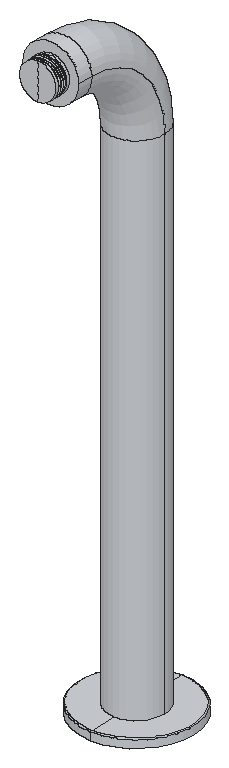
Revit family "Shower-Shower_Arm-KOHLER-K-15396BR_1", category Plumbing Fixtures, host Face, Revit 2017
Family settings
  Host = Face
  Round Connector Dimension = Use Diameter
  Part Type = Normal
  OmniClass Number = 23.31.25.00
  OmniClass Title = Toilet and Bath Specialties
  Cut with Voids When Loaded = No
  Shared = No
  Room Calculation Point = No
Parameters (values of type "CP- Polished Chrome")
  Width = 2 143/256"  # constant formula
  WaterSense Certified = 1 = 0  # no
  Waste Water Outlet = "Waste Water Outlet"  # constant formula
  Waste Connection = 1 = 0  # no
  Vent Connection = 1 = 0  # no
  URL = "https://br.kohler.com/"
  Type = 1
  Tempered Water Inlet = "Tempered Water Inlet"  # constant formula
  Product Page URL = ""
  Product Name = ""
  Product Documentation Link = ""
  Pressure = 0.00 psi  # constant formula
  Model = if(Type = 1, "K-15396BR-CP", if(Type = 2, "K-15396BR-BN", if(Type = 3, "K-15396BR-BL", if(Type = 4, "K-15396BR-RGD", if(Type = 5, "K-15396BR-SN", if(Type = 6, "K-15396BR-TT", "NA"))))))  # "K-15396BR-CP"
  Material = "Brass Construction"  # constant formula
  Master Format 2014 Name = "Residential Showers"  # constant formula
  Master Format 2014 = "22 42 23"  # constant formula
  Manufacturer Address = "Rio de Janeiro MULTIREPAROS RUA BATISTA DA COSTA, Nº 352 | STORE B Rio de Janeiro SÃO GONÇALO 24450-470"  # constant formula
  Manufacturer = "KOHLER Co."  # constant formula
  Length = 13 55/64"  # constant formula
  Hot Water Inlet = "Hot Water Inlet"  # constant formula
  Height = 4 9/256"  # constant formula
  HW Connection = 1 = 1  # yes
  Flow Rate = 0 GPM  # constant formula
  Finish = Kohler-Metal-CP-Polished_Chrome
  Environmental Product Declaration = ""
  Drain Included = 1 = 0  # no
  Description = "WALL MOUNT SHOWER ARM, 15 INCH"  # constant formula
  Default Elevation = 72"
  Declare Label = ""
  Date Modified = "09/07/2021"  # constant formula
  Date Created = "09/07/2021"  # constant formula
  Copyright = "Copyright KOHLER Co."  # constant formula
  Contact Us = "https://br.kohler.com/asr-listing"
  Cold Water Inlet = "Cold Water Inlet"  # constant formula
  CW Connection = 1 = 0  # no
  Assembly Code = "D2010700"
  ADA Compliant = 1 = 0  # no
Types (7): name | Type | Model | Finish
  (no name) | 1 | "K-15396BR-CP" | Kohler-Metal-CP-Polished_Chrome
  CP- Polished Chrome | 1 | "K-15396BR-CP" | Kohler-Metal-CP-Polished_Chrome
  BN- Vibrant Brushed Nickel | 2 | "K-15396BR-BN" | Kohler-Metal-BN-Vibrant_Brushed_Nickel
  BL- Matte Black | 3 | "K-15396BR-BL" | Kohler-Metal-BL-Matte_Black
  RGD- Polished Rose Gold | 4 | "K-15396BR-RGD" | Kohler-Metal-RGD-Polished_Rose_Gold
  SN- Vibrant Polished Nickel | 5 | "K-15396BR-SN" | Kohler-Metal-SN-Vibrant_Polished_Nickel
  TT- Vibrant Titanium | 6 | "K-15396BR-TT" | Kohler-Metal-TT-Vibrant_Titanium
Reference planes (in)
  plane 1 "Center (Front/Back)": y = 0
  plane 2: z = 0
  plane 3 "Center (Left/Right)": x = 0
  plane 4: x = 1.27953
  plane 5: x = -1.27907
  plane 6: z = 13.85937
  plane 7: z = 0.19685
  plane 8: y = 1.27953
  plane 9: y = -1.27953
  plane 10: y = -2.75563
Dimensions and locks (in)
  "Length": plane 6 to level
  "Width": plane 5 to plane 4
  "Height": plane 8 to plane 10
  aligned and locked: plane 2 to host face
  aligned and locked: level to host face
Automatic sketch dimensions
  host sketch curve to host sketch curve = 96"  (x2)
Nested families (in)
  nested 1: "K-15396BR" at (0, 0, 0), type "K-15396BR"
Connectors (in)
  piping at (0, 0, 0), diameter 0.5, driven by "HW Connection", driven by "Tempered Water Inlet"
    settings: on nested 1, index 1, connector inside diameter 24", connector length 0", flow factor 0, pipe flow 0 GPM, pressure drop 0.00 psi, fitting loss kfactor 0, connector angle 0.00°, fixture units 0, engagement length 0", angle of deflection 0.00°, flow configuration 0, flow direction 1, fitting loss method 0, system type 19, joint type 0, gender type 0, connector reference index -1, connector utility 1, adjustable connector no, is connector primary yes, connector description "Tempered Water Inlet"
Definition of nested family "K-15396BR"
  Parameters (values of type "K-15396BR")
    Material = none
  Reference planes (in)
    plane 1 "Center (Front/Back)": y = 0
    plane 2: z = 0
    plane 3 "Center (Left/Right)": x = 0
    plane 4: y = -1.27953
    plane 5: x = -1.27953
    plane 6: x = 1.27953
    plane 7: z = 13.85827
    plane 8: y = -2.75591
    plane 9: z = 0.19685
    plane 10: y = 1.27953
  Forms (in)
    Revolve 1, solid, material <- "Material", detail levels medium+fine
      sketch origin (0, 0, 0) x (0, 1, 0) y (0, 0, 1)
        loop
          line (0, 0) -> (1.27953, 0) -> (1.27953, 0.17717)
          arc (1.27953, 0.17717) -> (1.27376, 0.19108) -> (1.25984, 0.19685) r 0.01969
          line (1.25984, 0.19685) -> (0, 0.19685) -> (0, 0)
        axis (0, 0) -> (0, 0.19685)
      angle from 0 to 360
    Sweep 2, solid, material <- "Material", detail levels medium+fine
      path origin (0, 0, 0) x (0, 1, 0) y (0, 0, 1)
        loop
          line (0, 0.19685) -> (0, 11.81102)
          arc (0, 11.81102) -> (-0.59962, 13.25864) -> (-2.04724, 13.85827) r 2.04724
          line (-2.04724, 13.85827) -> (-2.38976, 13.85827)
      profile origin (0, 0, 6.00394) x (0, -1, 0) y (1, 0, 0)
        loop
          circle (0, 0) r 0.62992
    Revolve 3, solid, material <- "Material", detail levels medium+fine
      sketch origin (0, 0, 0) x (0, 1, 0) y (0, 0, 1)
        loop
          line (-2.38976, 13.85827) -> (-2.38976, 14.26525) -> (-2.45508, 14.26525) -> (-2.47083, 14.23797) -> (-2.50232, 14.23797) -> (-2.51807, 14.26525) -> (-2.53382, 14.23797) -> (-2.56532, 14.23797) -> (-2.58106, 14.26525) -> (-2.59681, 14.23797) -> (-2.62831, 14.23797) -> (-2.64406, 14.26525) -> (-2.6598, 14.23797) -> (-2.6913, 14.23797) -> (-2.70705, 14.26525) -> (-2.75591, 14.26525) -> (-2.75591, 13.85827) -> (-2.38976, 13.85827)
        axis (-2.75591, 13.85827) -> (-2.38976, 13.85827)
      angle from 0 to 360
    Extrusion 4, solid, material <- "Material", detail levels medium+fine
      sketch origin (0, 0, 0) x (1, 0, 0) y (0, 1, 0)
        loop
          circle (0, 0) r 0.25197
      from 0 to 0.11811
    Revolve 5, solid, material <- "Material", detail levels coarse
      sketch origin (0, 0, 0) x (0, 1, 0) y (0, 0, 1)
        loop
          line (0, 0.19685) -> (-1.27953, 0.19685) -> (-1.27953, 0) -> (0, 0) -> (0, 0.19685)
        axis (0, 0) -> (0, 0.19685)
      angle from 0 to 360
    Sweep 6, solid, material <- "Material", detail levels coarse
      path origin (0, 0, 0) x (0, 1, 0) y (0, 0, 1)
        loop
          line (0, 0) -> (0, 11.69291)
          arc (0, 11.69291) -> (-0.63422, 13.22405) -> (-2.16535, 13.85827) r 2.16535
          line (-2.16535, 13.85827) -> (-2.75591, 13.85827)
      profile origin (0, 0, 5.84646) x (0, -1, 0) y (1, 0, 0)
        loop
          circle (0, 0) r 0.70866
  Cuts and joins
    joined: Revolve 5, Sweep 6
    joined: Revolve 1, Sweep 2, Revolve 3
  Lines and regions (in)
    Masking region 1
      outline origin (0, 0, 0) x (1, 0, 0) y (0, 1, 0)
        loop
          line (0.40683, -2.75591) -> (0.40683, -2.70717) -> (0.37984, -2.69095) -> (0.37984, -2.65945) -> (0.40683, -2.64387) -> (0.37984, -2.62764) -> (0.37984, -2.59615) -> (0.40683, -2.58056) -> (0.37984, -2.56434) -> (0.37984, -2.53284) -> (0.40683, -2.51726) -> (0.37984, -2.50103) -> (0.37984, -2.46954) -> (0.40711, -2.45379) -> (0.40711, -2.38976) -> (0.62992, -2.38976) -> (0.62992, -1.11373)
          arc (0.62992, -1.11373) -> (0, 1.27953) -> (-0.62992, -1.11373) r 1.27953
          line (-0.62992, -1.11373) -> (-0.62992, -2.38976) -> (-0.40711, -2.38976) -> (-0.40711, -2.45379) -> (-0.37984, -2.46954) -> (-0.37984, -2.50103) -> (-0.40683, -2.51726) -> (-0.37984, -2.53284) -> (-0.37984, -2.56434) -> (-0.40683, -2.58056) -> (-0.37984, -2.59615) -> (-0.37984, -2.62764) -> (-0.40683, -2.64387) -> (-0.37984, -2.65945) -> (-0.37984, -2.69095) -> (-0.40683, -2.70717) -> (-0.40683, -2.75591) -> (0.40683, -2.75591)
    Masking region 2
      outline origin (0, 0, 0) x (1, 0, 0) y (0, 0, 1)
        loop
          line (-1.27953, 0) -> (1.27953, 0) -> (1.27953, 0.17717)
          arc (1.27953, 0.17717) -> (1.27376, 0.19108) -> (1.25984, 0.19685) r 0.01969
          line (1.25984, 0.19685) -> (0.62992, 0.19685) -> (0.62992, 13.83906)
          arc (0.62992, 13.83906) -> (0, 14.46898) -> (-0.62992, 13.83906) r 0.62992
          line (-0.62992, 13.83906) -> (-0.62992, 0.19685) -> (-1.25984, 0.19685)
          arc (-1.25984, 0.19685) -> (-1.27376, 0.19108) -> (-1.27953, 0.17717) r 0.01969
          line (-1.27953, 0.17717) -> (-1.27953, 0)
    Masking region 3
      outline origin (0, 0, 0) x (0, 1, 0) y (0, 0, 1)
        loop
          line (1.27953, 0) -> (1.27953, 0.17717)
          arc (1.27953, 0.17717) -> (1.27376, 0.19108) -> (1.25984, 0.19685) r 0.01969
          line (1.25984, 0.19685) -> (0.62992, 0.19685) -> (0.62992, 11.81102)
          arc (0.62992, 11.81102) -> (-0.1542, 13.70407) -> (-2.04724, 14.48819) r 2.67717
          line (-2.04724, 14.48819) -> (-2.38976, 14.48819) -> (-2.38976, 14.26525) -> (-2.45508, 14.26525) -> (-2.47083, 14.23797) -> (-2.50232, 14.23797) -> (-2.51807, 14.26525) -> (-2.53382, 14.23797) -> (-2.56532, 14.23797) -> (-2.58106, 14.26525) -> (-2.59681, 14.23797) -> (-2.62831, 14.23797) -> (-2.64406, 14.26525) -> (-2.6598, 14.23797) -> (-2.6913, 14.23797) -> (-2.70705, 14.26525) -> (-2.75591, 14.26525) -> (-2.75591, 13.45129) -> (-2.70705, 13.45129) -> (-2.6913, 13.47856) -> (-2.6598, 13.47856) -> (-2.64406, 13.45129) -> (-2.62831, 13.47856) -> (-2.59681, 13.47856) -> (-2.58106, 13.45129) -> (-2.56532, 13.47856) -> (-2.53382, 13.47856) -> (-2.51807, 13.45129) -> (-2.50232, 13.47856) -> (-2.47083, 13.47856) -> (-2.45508, 13.45129) -> (-2.38976, 13.45129) -> (-2.38976, 13.22835) -> (-2.08661, 13.22835)
          arc (-2.08661, 13.22835) -> (-1.05658, 12.80169) -> (-0.62992, 11.77165) r 1.45669
          line (-0.62992, 11.77165) -> (-0.62992, 0.19685) -> (-1.25984, 0.19685)
          arc (-1.25984, 0.19685) -> (-1.27376, 0.19108) -> (-1.27953, 0.17717) r 0.01969
          line (-1.27953, 0.17717) -> (-1.27953, 0) -> (1.27953, 0)
    symbolic lines, detail levels medium+fine
      curve 1: line (-0.62992, -1.11373, 0) -> (-0.62992, 0.00384, 0)
      curve 2: line (0.62992, -1.11373, 0) -> (0.62992, 0.00384, 0)
      curve 3: arc (-0.62992, 0.00384, 0) -> (0, 0.63376, 0) -> (0.62992, 0.00384, 0) r 0.62992
      curve 4: line (-0.62992, -1.75175, 0) -> (0.62992, -1.75175, 0)
      curve 5: line (0.62992, 0, 0.19685) -> (-0.62992, 0, 0.19685)
      curve 6: line (1.27953, 0, 0.17717) -> (-1.27953, 0, 0.17717)
      curve 7: line (0.62992, 0, 11.78747) -> (-0.62992, 0, 11.78747)
      curve 8: line (0, -2.6913, 14.23797) -> (0, -2.6913, 13.47856)
      curve 9: line (0, -2.6598, 13.47856) -> (0, -2.6598, 14.23797)
      curve 10: line (0, -2.64406, 14.26525) -> (0, -2.64406, 13.45129)
      curve 11: line (0, -2.62831, 13.47856) -> (0, -2.62831, 14.23797)
      curve 12: line (0, -2.59681, 13.47856) -> (0, -2.59681, 14.23797)
      curve 13: line (0, -2.58106, 14.26525) -> (0, -2.58106, 13.45129)
      curve 14: line (0, -2.56532, 13.47856) -> (0, -2.56532, 14.23797)
      curve 15: line (0, -2.53382, 13.47856) -> (0, -2.53382, 14.23797)
      curve 16: line (0, -2.51807, 14.26525) -> (0, -2.51807, 13.45129)
      curve 17: line (0, -2.50232, 13.47856) -> (0, -2.50232, 14.23797)
      curve 18: line (0, -2.47083, 13.47856) -> (0, -2.47083, 14.23797)
      curve 19: line (0, -2.45508, 14.26525) -> (0, -2.45508, 13.45129)
      curve 20: line (0, -2.70705, 14.26525) -> (0, -2.70705, 13.45129)
      curve 21: line (0, -2.38976, 13.45129) -> (0, -2.38976, 14.26525)
      curve 22: line (0, -2.04724, 14.48819) -> (0, -2.04724, 13.22781)
      curve 23: line (0, -0.62992, 11.77165) -> (0, 0.62992, 11.77165)
      curve 24: line (0, 0.62992, 0.19685) -> (0, -0.62992, 0.19685)
      curve 25: line (0, -1.27953, 0.17717) -> (0, 1.27953, 0.17717)
      curve 26: line (-0.40711, -2.45379, 0) -> (0.40711, -2.45379, 0)
      curve 27: line (-0.37984, -2.46954, 0) -> (0.37984, -2.46954, 0)
      curve 28: line (-0.37984, -2.50103, 0) -> (0.37984, -2.50103, 0)
      curve 29: line (0.40683, -2.51726, 0) -> (-0.40683, -2.51726, 0)
      curve 30: line (-0.37984, -2.53284, 0) -> (0.37984, -2.53284, 0)
      curve 31: line (-0.37984, -2.56434, 0) -> (0.37984, -2.56434, 0)
      curve 32: line (0.40683, -2.58056, 0) -> (-0.40683, -2.58056, 0)
      curve 33: line (-0.37984, -2.59615, 0) -> (0.37984, -2.59615, 0)
      curve 34: line (-0.37984, -2.62764, 0) -> (0.37984, -2.62764, 0)
      curve 35: line (0.40683, -2.64387, 0) -> (-0.40683, -2.64387, 0)
      curve 36: line (-0.37984, -2.65945, 0) -> (0.37984, -2.65945, 0)
      curve 37: line (-0.37984, -2.69095, 0) -> (0.37984, -2.69095, 0)
      curve 38: line (0.40683, -2.70717, 0) -> (-0.40683, -2.70717, 0)
      curve 39: line (-0.40711, -2.38976, 0) -> (0.40711, -2.38976, 0)
  Dimensions and locks (in)
    aligned and locked: level to plane 2
